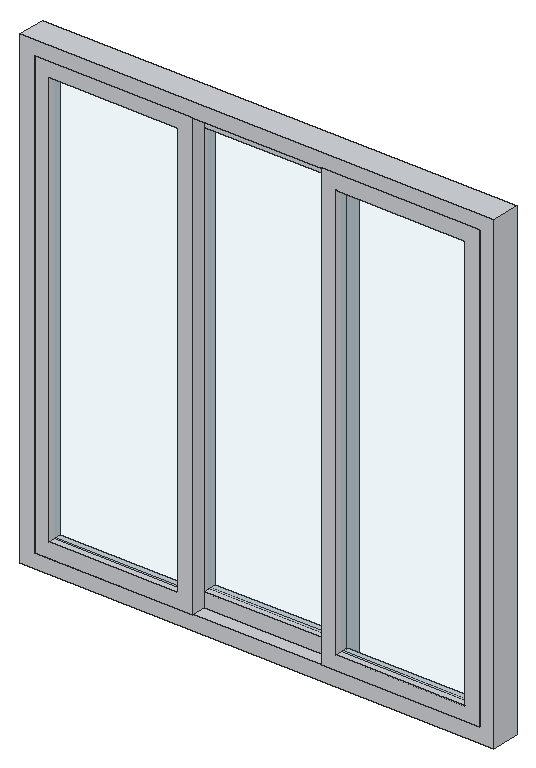
Revit family "DW2_落地鋁門窗1", category 窗, Revit 2014
Parameters (values of type "200 x 200 cm")
  熱阻 (R) = 0.271106 (m²·K)/W
  Visual Light Transmittance = 0.9
  Solar Heat Gain Coefficient = 0.78
  營造類型 Id = "GSP4R"
  Height = 2000 mm
  傳熱係數 (U) = 3.6886 W/(m²·K)
  預設窗台高度 = 0 mm
  關鍵註記 = "固定窗-矩形"
  Rough Height = Height  # 2000 mm
  Rough Width = Width  # 2000 mm
  玻璃材質 = 玻璃
  牆封閉 = 依主體
  Width = 2000 mm
  裝飾外框材料 = none
  裝飾外框寬度 = 60 mm
  裝飾外框厚度 = 60 mm
  解析營造 = "1/8 英吋 Pilkington 單層鑲嵌玻璃"
Reference planes
  plane 1: y = 0
  plane 2 "中心 (左/右)": x = 0
  plane 3 "左": x = -1000
  plane 4 "右": x = 1000
  plane 5 "窗台": z = 0
  plane 6 "標頭": z = 2000
  plane 7 "外部": y = 75
  plane 8 "內部": y = -75
Forms (mm)
  Extrusion 1, solid, material <- "裝飾外框材料"
    sketch origin (-5000, 0, 0) x (1, 0, 0) y (0, 0, 1)
      loop
        line (6000, 2000) -> (4000, 2000) -> (4000, 0) -> (6000, 0) -> (6000, 2000)
      loop
        line (5940, 1940) -> (4060, 1940) -> (4060, 60) -> (5940, 60) -> (5940, 1940)
    from -60 to 60
Lines and regions (mm)
  Opening 1
    outline origin (3500, -75, 0) x (1, 0, 0) y (0, 0, 1)
      loop
        line (-2500, 0) -> (-2500, 2000) -> (-4500, 2000) -> (-4500, 0) -> (-2500, 0)
Text (mm)
  text "外部" at (-1963.203, 1332.353, 0), in view "參考樓層"
  text "內部" at (-1981.466, -818.386, 0), in view "參考樓層"
  text "外部" at (0, 923.751, 2943.296), in view "右"
  text "外部" at (0, 1040.484, 2685.409), in view "左"
Dimensions and locks
  equal spacing: plane 3 "左", plane 2 "中心 (左/右)", plane 4 "右"
  "Width": plane 3 "左" to plane 4 "右"
  "Height": plane 5 "窗台" to plane 6 "標頭"
  "預設窗台高度": plane 5 "窗台" to level
  locked: plane 7 "外部" to host wall at 0
  locked: plane 8 "內部" to host wall
  aligned and locked: nested 2 to Extrusion 1  (x2)
  aligned and locked: nested 3 to Extrusion 1  (x2)
  aligned and locked: nested 1 to Extrusion 1  (x2)
Automatic sketch dimensions
  Opening 1 sketch curve to plane 3 "左" = 0 mm
  Opening 1 sketch curve to plane 4 "右" = 0 mm
  Opening 1 sketch curve to plane 5 "窗台" = 0 mm
  Opening 1 sketch curve to plane 6 "標頭" = 0 mm
  Extrusion 1 sketch curve to level = 0 mm
  Extrusion 1 sketch curve to plane 6 "標頭" = 0 mm
  Extrusion 1 sketch curve to plane 3 "左" = 60 mm
  plane 4 "右" to Extrusion 1 sketch curve = 60 mm
  level to Extrusion 1 sketch curve = 60 mm
  plane 6 "標頭" to Extrusion 1 sketch curve = 60 mm
  plane 4 "右" to Extrusion 1 sketch curve = 0 mm
  plane 3 "左" to Extrusion 1 sketch curve = 0 mm
Nested families
  nested 1: "窗框" at (-873.928, 919.367, -940), type "窗框"
    with Height 1880 mm, Width 667 mm
  nested 2: "窗框" at (339.072, 919.367, -940), type "窗框"
    with Height 1880 mm, Width 667 mm
  nested 3: "窗框" at (-267.428, 979.367, -940), type "窗框"
    with Height 1880 mm, Width 667 mm
Definition of nested family "窗框"
  Parameters (values of type "窗框")
    Height [instance] = 500 mm
    護桿寬度 = 20 mm
    護桿厚度 = 10 mm
    Rough Height = 500 mm
    Rough Width = 600 mm
    Width [instance] = 600 mm
    裝飾外框材料 = none
    玻璃材質 = none
    玻璃厚度 = 10 mm
    裝飾外框寬度 = 60 mm
    裝飾外框厚度 = 60 mm
    Assembly Code = ""
  Reference planes
    plane 1 "中心 (前/後)": y = -919.367
    plane 2: z = 0
    plane 3 "中心 (左/右)": x = 267.428
    plane 4 "玻璃-上": y = -944.367
    plane 5 "玻璃-下": y = -954.367
    plane 6: y = -979.367
    plane 7: x = -32.572
    plane 8: x = 567.428
    plane 9: x = 27.428
    plane 10: x = 507.428
    plane 11: z = 1440
    plane 12: z = 1500
    plane 13: z = 1060
    plane 14: z = 1000
    plane 15: y = -949.367
  Forms (mm)
    Extrusion 1, solid, material <- "玻璃材質"
      sketch origin (-1499.274, -949.367, 1200) x (-1, 0, 0) y (0, 0, 1)
        loop
          line (-1526.702, 240) -> (-2006.702, 240) -> (-2006.702, -140) -> (-1526.702, -140) -> (-1526.702, 240)
      from -5 to 5
    Extrusion 2, solid, material <- "裝飾外框材料"
      sketch origin (-1499.274, -949.367, 1200) x (-1, 0, 0) y (0, 0, 1)
        loop
          line (-1466.702, 300) -> (-2066.702, 300) -> (-2066.702, -200) -> (-1466.702, -200) -> (-1466.702, 300)
        loop
          line (-1526.702, 240) -> (-2006.702, 240) -> (-2006.702, -140) -> (-1526.702, -140) -> (-1526.702, 240)
      from -30 to 30
  Dimensions and locks
    equal spacing: plane 10, plane 3 "中心 (左/右)", plane 9
    "裝飾外框寬度": plane 8 to plane 10
    "裝飾外框寬度": plane 9 to plane 7
    "裝飾外框寬度": plane 12 to plane 11
    "Width": plane 8 to plane 7
    "裝飾外框寬度": plane 13 to plane 14
    "Height": plane 12 to plane 14
    plane 14 to level = 1000 mm
    equal spacing: plane 4 "玻璃-上", plane 15, plane 5 "玻璃-下"
    "玻璃厚度": plane 4 "玻璃-上" to plane 5 "玻璃-下"
    equal spacing: plane 6, plane 15, plane 1 "中心 (前/後)"
    "裝飾外框厚度": plane 6 to plane 1 "中心 (前/後)"
    aligned and locked: Extrusion 1 sketch curve to plane 11
    aligned and locked: plane 9 to Extrusion 1 sketch curve
    aligned and locked: Extrusion 1 sketch curve to plane 10
    aligned and locked: plane 13 to Extrusion 1 sketch curve
    aligned and locked: plane 7 to Extrusion 2 sketch curve
    aligned and locked: Extrusion 2 sketch curve to plane 12
    aligned and locked: Extrusion 2 sketch curve to plane 8
    aligned and locked: plane 9 to Extrusion 2 sketch curve
    aligned and locked: plane 13 to Extrusion 2 sketch curve
    aligned and locked: Extrusion 2 sketch curve to plane 10
    aligned and locked: Extrusion 2 sketch curve to plane 11
    aligned and locked: Extrusion 2 sketch curve to plane 14
    aligned and locked: plane 2 to level
    aligned and locked: plane 6 to Extrusion 2
    aligned and locked: plane 1 "中心 (前/後)" to Extrusion 2
    aligned and locked: plane 5 "玻璃-下" to Extrusion 1
    aligned and locked: plane 4 "玻璃-上" to Extrusion 1
